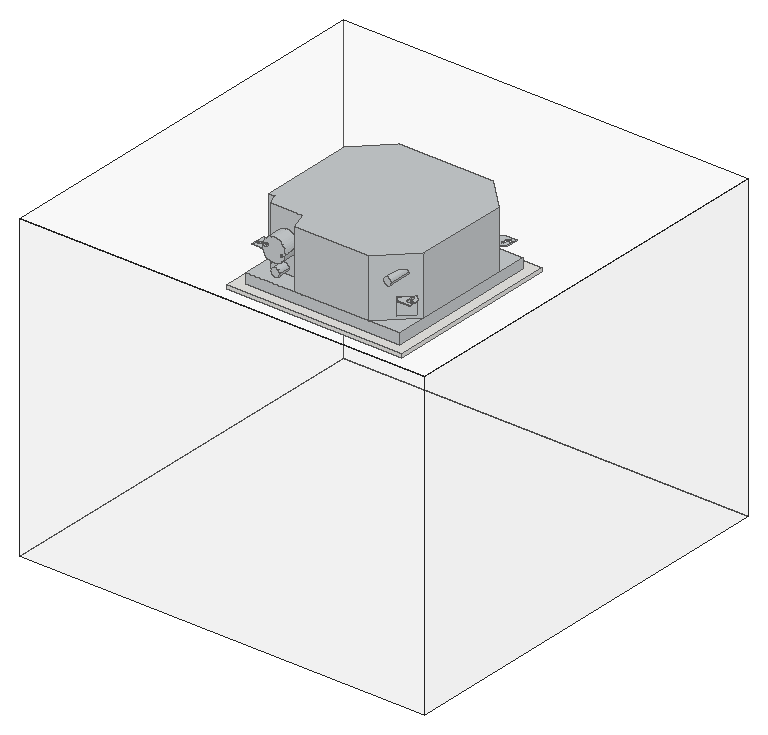
Revit family "pl-rp28_80ga8_50hz", category 機械設備, Revit 2023
Family settings
  丸型コネクタ寸法 = 直径を使用
  パーツ タイプ = 標準
  OmniClass 番号 = 23.75.10.24.21.27.27
  OmniClass タイトル = Split System Air Conditioning Units
  作業面ベース = いいえ
  常に垂直 = はい
  ロード時にボイドで切り取り = いいえ
  注釈の向きを維持 = いいえ
  共有 = いいえ
  部屋計算ポイント = はい
Parameters (values of type "PL-RP40GA8")
  風量_静 (㎥/min) = 8.5
  風量_強 (㎥/min) = 12
  風量_弱 (㎥/min) = 9
  風量_中 (㎥/min) = 9.5
  風量 = MAX風量  # 720.0 m³/h
  音響パワーレベル(dB) = [音響パワーレベル_強 (dB)]  # 53
  音響パワーレベル_静 (dB) = 48
  音響パワーレベル_強 (dB) = 53
  音響パワーレベル_弱 (dB) = 49
  音響パワーレベル_中 (dB) = 51
  電源種別 = ""
  電源_H = 0 mm
  電圧 = 0 V
  電動機出力_送風機 = 0.05 kW
  運転質量 = 0.00 kg
  連動 = ""
  質量 = if(製品質量 > 運転質量, 製品質量, 運転質量) * 1.2  # 24.72 kg
  負荷分類 = 3_ファン類
  製品質量_本体 = 17.00 kg
  製品質量_パネル = 3.60 kg
  構成品番 = ""
  既定の高さ = 0 mm
  ドレン管径 (外径) = 32 mm
  ドレン管径 = 25 mm
  サービススペース = yes
  【値が 0 の項目は組合せ形名にてご確認ください】 = ""
  URL = "https://www.mitsubishielectric.co.jp/ldg/wink/qr/002/364720"
  説明 = "店舗・事務所用パッケージエアコン(Mr.SLIM) [本体]4方向天井カセット形<コンパクトタイプ>"
  設計暖房能力 = 0.00 kW
  設計冷房能力_顕熱 = 0 kW
  設計冷房能力 = 0 kW
  設置方法 = "カセット形"
  記号 = ""
  製造元 = "三菱電機株式会社"
  製品質量 = 製品質量_本体 + 製品質量_パネル  # 20.60 kg
  製品出荷対象 = "国内"
  製品リリース年月 = "2026/5/11"
  製品グループ = ""
  系統 = ""
  符号 = "PAC-CK4"
  積算_科目 = "1 空気調和設備"
  積算_拾い区分 [instance] = ""
  盤記号 = ""
  発停方法 = "別売リモコン"
  特殊仕様 = ""
  火災停止 = ""
  消費電力_暖房 = 0.03 kW
  消費電力_冷房 = 0.03 kW
  消費電力 = if(消費電力_冷房 > 消費電力_暖房, 消費電力_冷房, 消費電力_暖房)  # 0.03 kW
  法定耐用年数 = "6"
  極数 = 3
  材質 = ""
  本体マテリアル = none
  有効加湿量 = 0
  暖房能力 = 4.00 kW
  形式_加湿器 = ""
  形式 = "カセット形（4方向吹出形）"
  幹線記号 = ""
  始動方式 = "インバータ"
  呼称 = "パッケージ形空気調和機_室内機"
  周波数 = 50 Hz
  吊り位置Y = 507 mm
  吊り位置X = 640 mm
  吊りボルト_H = 134 mm
  台数_手元リモコン = ""
  台数_冷媒分岐ユニット = ""
  参照している仕様書等のバージョン = "公共建築工事標準仕様書（機械設備工事編）平成31年度版"
  加湿給水管径 = 0 mm
  分類コード = "50053003123030"
  分類グループ = "設備"
  冷房能力 = 3.6 kW
  冷媒高低圧ガス管径 = 0 mm
  冷媒管径符号 = "Ac"
  冷媒管径 = 100 mm
  冷媒液管高さ = 159 mm
  冷媒液管長さ = 71 mm
  冷媒液管径 = 6.35 mm
  冷媒ガス管高さ = 183 mm
  冷媒ガス管長さ = 76 mm
  冷媒ガス管径 = 12.7 mm
  企業コード = "108420"
  付属品_フィルター = ""
  付属品 = ""
  モデル = "PL-RP40GA8"
  パネルマテリアル = none
  ドレン管高さ = 227 mm
  コメント [instance] = ""
  Width = 670 mm
  Version = ""
  Uniclass2015Version = "Systems v1.9"
  Uniclass2015Title = "Split coil remote air cooled condensing units"
  Uniclass2015Code = "Pr_70_65_03_84"
  SpecificationReference = ""
  SpecificationDescription = ""
  Revision = ""
  ProductInformation = ""
  Panel Width = 760 mm
  Panel Height = 15 mm
  Panel Depth = 760 mm
  OmniClassCode = "23-33 17 13 11"
  MIN風量 = [風量_静 (㎥/min)] * 60.0 m³/h  # 510.0 m³/h
  MID風量2 = [風量_弱 (㎥/min)] * 60.0 m³/h  # 540.0 m³/h
  MID風量 = [風量_中 (㎥/min)] * 60.0 m³/h  # 570.0 m³/h
  MAX風量 = [風量_強 (㎥/min)] * 60.0 m³/h  # 720.0 m³/h
  IfcTypeProduct = ""
  IfcProduct = ""
  IfcExportType = "AIRCONDITIONINGUNIT"
  IfcExportAs = "IfcUnitaryEquipmentType"
  Height = 298 mm
  Depth = 670 mm
  価格 = 0
  Clearance Top = 305 mm
  Clearance Right = 500 mm
  Clearance Left = 500 mm
  Clearance Front = 500 mm
  Clearance Bottom = 1000 mm
  Clearance Back = 500 mm
  BLCJ仕様バージョン = "2.0"
  Author = "三菱電機株式会社"
Types (8, lengths in mm): name | 風量_静 (㎥/min) | 風量_強 (㎥/min) | 風量_弱 (㎥/min) | 風量_中 (㎥/min) | 風量 | 音響パワーレベル(dB) | 音響パワーレベル_静 (dB) | 音響パワーレベル_強 (dB) | 音響パワーレベル_弱 (dB) | 音響パワーレベル_中 (dB) | URL | 消費電力_暖房 | 消費電力_冷房 | 消費電力 | 暖房能力 | 冷房能力 | 冷媒管径符号 | 冷媒液管長さ | 冷媒液管径 | 冷媒ガス管長さ | 冷媒ガス管径 | モデル | MIN風量 | MID風量2 | MID風量 | MAX風量
  PL-RP28GA8 | 6.3 | 8.7 | 7.1 | 7.8 | 522.0 m³/h | 50 | 47 | 50 | 48 | 49 | "https://www.mitsubishielectric.co.jp/ldg/wink/qr/002/364719" | 0.03 kW | 0.03 kW | 0.03 kW | 2.80 kW | 2.5 kW | "Ac" | 71 | 6.35 | 76 | 12.7 | "PL-RP28GA8" | 378.0 m³/h | 426.0 m³/h | 468.0 m³/h | 522.0 m³/h
  PL-RP40GA8 | 8.5 | 12 | 9 | 9.5 | 720.0 m³/h | 53 | 48 | 53 | 49 | 51 | "https://www.mitsubishielectric.co.jp/ldg/wink/qr/002/364720" | 0.03 kW | 0.03 kW | 0.03 kW | 4.00 kW | 3.6 kW | "Ac" | 71 | 6.35 | 76 | 12.7 | "PL-RP40GA8" | 510.0 m³/h | 540.0 m³/h | 570.0 m³/h | 720.0 m³/h
  PL-RP45GA8 | 8.5 | 12 | 9 | 9.5 | 720.0 m³/h | 53 | 48 | 53 | 49 | 51 | "https://www.mitsubishielectric.co.jp/ldg/wink/qr/002/364721" | 0.03 kW | 0.03 kW | 0.03 kW | 4.50 kW | 4 kW | "Ac" | 71 | 6.35 | 76 | 12.7 | "PL-RP45GA8" | 510.0 m³/h | 540.0 m³/h | 570.0 m³/h | 720.0 m³/h
  PL-RP50GA8 | 9.5 | 12.5 | 10 | 12 | 750.0 m³/h | 54 | 49 | 54 | 50 | 53 | "https://www.mitsubishielectric.co.jp/ldg/wink/qr/002/364722" | 0.03 kW | 0.03 kW | 0.03 kW | 5.00 kW | 4.5 kW | "Ac" | 71 | 6.35 | 76 | 12.7 | "PL-RP50GA8" | 570.0 m³/h | 600.0 m³/h | 720.0 m³/h | 750.0 m³/h
  PL-RP56GA8 | 9.5 | 14 | 10 | 12.5 | 840.0 m³/h | 56 | 49 | 56 | 50 | 54 | "https://www.mitsubishielectric.co.jp/ldg/wink/qr/002/364723" | 0.03 kW | 0.03 kW | 0.03 kW | 5.60 kW | 5 kW | "Ac" | 71 | 6.35 | 76 | 12.7 | "PL-RP56GA8" | 570.0 m³/h | 600.0 m³/h | 750.0 m³/h | 840.0 m³/h
  PL-RP63GA8 | 10 | 14.5 | 11.5 | 13 | 870.0 m³/h | 57 | 50 | 57 | 53 | 55 | "https://www.mitsubishielectric.co.jp/ldg/wink/qr/002/364724" | 0.04 kW | 0.04 kW | 0.04 kW | 6.30 kW | 5.6 kW | "Ac" | 71 | 6.35 | 76 | 12.7 | "PL-RP63GA8" | 600.0 m³/h | 690.0 m³/h | 780.0 m³/h | 870.0 m³/h
  PL-RP71GA8 | 11 | 15 | 12 | 13.5 | 900.0 m³/h | 58 | 53 | 58 | 54 | 56 | "https://www.mitsubishielectric.co.jp/ldg/wink/qr/002/364725" | 0.04 kW | 0.04 kW | 0.04 kW | 7.10 kW | 6.3 kW | "Bd" | 75 | 9.52 | 80 | 15.88 | "PL-RP71GA8" | 660.0 m³/h | 720.0 m³/h | 810.0 m³/h | 900.0 m³/h
  PL-RP80GA8 | 11 | 15 | 12 | 13.5 | 900.0 m³/h | 58 | 53 | 58 | 54 | 56 | "https://www.mitsubishielectric.co.jp/ldg/wink/qr/002/364726" | 0.04 kW | 0.04 kW | 0.04 kW | 8.00 kW | 7.1 kW | "Bd" | 75 | 9.52 | 80 | 15.88 | "PL-RP80GA8" | 660.0 m³/h | 720.0 m³/h | 810.0 m³/h | 900.0 m³/h
Reference planes
  plane 1 "中心(正面/背面)": y = 0
  plane 2: z = 0
  plane 3 "中心(左/右)": x = 0
  plane 4: x = -380
  plane 5: x = 380
  plane 6: y = 380
  plane 7: y = -380
  plane 8: z = 298
  plane 9: z = 305
  plane 10: x = -320
  plane 11: x = 320
  plane 12: y = 253.5
  plane 13: y = -253.5
  plane 14: z = 46
  plane 15: y = 335
  plane 16: y = -335
  plane 17: x = -335
  plane 18: x = 335
  plane 19: x = -880
  plane 20: x = 880
  plane 21: y = 880
  plane 22: y = -880
  plane 23: z = 298
  plane 24: z = -15
  plane 25: z = -1015
  plane 26: z = 305
  plane 27 "冷媒管基準面": y = -255
  plane 28: x = -186
  plane 29: z = 159
  plane 30: y = -331
  plane 31: y = -326
Forms (mm)
  Extrusion 1, solid, detail levels fine
    sketch origin (0, -255, 15) x (1, 0, 0) y (0, 0, 1)
      loop
        circle (-186, 144) r 3.175
    from 0 to 71
  Extrusion 2, solid, detail levels fine
    sketch origin (-67, -255, 39) x (1, 0, 0) y (0, 0, 1)
      loop
        circle (-186, 144) r 6.35
    from 0 to 76
Dimensions and locks
  equal spacing: plane 4, plane 3 "中心(左/右)", plane 5
  plane 4 to plane 5 = 760 mm
  equal spacing: plane 7, plane 1 "中心(正面/背面)", plane 6
  plane 7 to plane 6 = 760 mm
  locked: plane 12 to plane 6 at 126.5
  plane 7 to plane 13 = 126.5 mm
  plane 4 to plane 10 = 60 mm
  locked: plane 11 to plane 5 at 60
  "吊り位置X": plane 10 to plane 11
  equal spacing: plane 10, plane 3 "中心(左/右)", plane 11
  equal spacing: plane 13, plane 1 "中心(正面/背面)", plane 12
  "吊り位置Y": plane 13 to plane 12
  equal spacing: plane 16, plane 1 "中心(正面/背面)", plane 15
  "Depth": plane 16 to plane 15
  equal spacing: plane 17, plane 3 "中心(左/右)", plane 18
  "Width": plane 17 to plane 18
  locked: plane 14 to level at 46
  "Clearance Left": plane 19 to plane 4
  "Clearance Right": plane 5 to plane 20
  "Clearance Back": plane 6 to plane 21
  locked: level to plane 24 at 15
  "Clearance Bottom": plane 24 to plane 25
  "Clearance Front": plane 22 to plane 7
  "Clearance Top": plane 26 to plane 2
  "Height": level to nested 3
  plane 29 to plane 2 = 159 mm
  nested 3 to level = 134 mm
  "冷媒液管長さ": plane 31 to plane 27 "冷媒管基準面"
  "冷媒ガス管長さ": plane 30 to plane 27 "冷媒管基準面"
  aligned and locked: level to plane 2
  aligned and locked: plane 10 to nested 2
  aligned and locked: plane 11 to nested 2
  aligned and locked: nested 2 to plane 12
  aligned and locked: plane 13 to nested 2
  aligned and locked: plane 19 to nested 1
  aligned and locked: plane 20 to nested 1
  aligned and locked: plane 22 to nested 1
  aligned and locked: plane 21 to nested 1
  aligned and locked: plane 25 to nested 1
  aligned and locked: plane 5 to nested 3
  aligned and locked: plane 15 to nested 3
  aligned and locked: plane 6 to nested 3
  aligned and locked: plane 7 to nested 3
  aligned and locked: plane 26 to nested 1
  aligned and locked: plane 31 to Extrusion 1
  aligned and locked: plane 30 to Extrusion 2
Automatic sketch dimensions
  Extrusion 1 sketch curve to plane 28 = 0 mm
  Extrusion 1 sketch curve to plane 29 = 0 mm
  plane 29 to Extrusion 2 sketch curve = 24 mm
  plane 10 to Extrusion 2 sketch curve = 67 mm
  radius of Extrusion 1 sketch curve = 3.175 mm
  radius of Extrusion 2 sketch curve = 6.35 mm
Nested families
  nested 1: "サービススペース" at (0, 0, -355), visible <- "サービススペース", type "サービススペース", detail levels fine
    with Width 1760 mm, Height 1320 mm, Depth 1760 mm
  nested 2: "固定点" at (-320, -253.5, 0), type "固定点"
    with W 640 mm, D 507 mm
  nested 3: "PL-RP_GA" at (0, 0, 0), type "PL-RP_GA"
    with ユニット表示 yes, 液配管サイズ 6.35 mm
Connectors
  piping at (-219.5, -326, 171), diameter 100, driven by "冷媒管径", driven by "冷媒管径符号"
    settings: on nested 3, index 1, connector inside diameter 609.6 mm, connector length 0 mm, flow factor 0, pipe flow 0.0 L/s, pressure drop 0.0 Pa, fitting loss kfactor 0, connector angle 0.00°, fixture units 0, engagement length 0 mm, angle of deflection 0.00°, flow configuration 1, flow direction 1, fitting loss method 4, system type 7, joint type 0, gender type 0, connector reference index -1, connector utility 0, adjustable connector no, is connector primary yes, connector description "Ac"
  piping at (281, -332, 227), diameter 25, driven by "ドレン管径"
    settings: on nested 3, index 2, connector inside diameter 609.6 mm, connector length 0 mm, flow factor 0, pipe flow 0.0 L/s, pressure drop 0.0 Pa, fitting loss kfactor 0, connector angle 0.00°, fixture units 0, engagement length 0 mm, angle of deflection 0.00°, flow configuration 1, flow direction 2, fitting loss method 4, system type 16, joint type 0, gender type 0, connector reference index -1, connector utility 0, adjustable connector no, is connector primary no, connector description ""
  electrical at (-230, -305, 70), driven by "極数", driven by "負荷分類", driven by "電圧", driven by "消費電力"
    settings: on nested 3, index 3, voltage 0 V, apparent load 30 VA, apparent load phase1 0 VA, apparent load phase2 0 VA, apparent load phase3 0 VA, power factor 1, load classification "3_ファン類", number of poles 3, system type 30, power factor state 1, is connector primary yes, connector utility no, sub classification motor no, connector description ""
Definition of nested family "サービススペース"
  Parameters (values of type "サービススペース")
    Default Elevation = 0 mm
    Width [instance] = 500 mm
    Height [instance] = 500 mm
    Depth [instance] = 500 mm
  Reference planes
    plane 1 "中心(正面/背面)": y = 0
    plane 2: z = 0
    plane 3 "中心(左/右)": x = 0
    plane 4: y = -250
    plane 5: x = 250
    plane 6: y = 250
    plane 7: x = -250
    plane 8: z = 250
    plane 9: z = -250
  Forms (mm)
    Extrusion 1, solid
      sketch origin (-638.939, 0, 72.39) x (1, 0, 0) y (0, 1, 0)
        loop
          line (388.939, 250) -> (388.939, -250) -> (888.939, -250) -> (888.939, 250) -> (388.939, 250)
      from -322.39 to 177.61
  Lines and regions (mm)
    symbolic lines
      curve 1: line (-250, 0, 250) -> (250, 0, 250)
      curve 2: line (-250, 0, -250) -> (-250, 0, 250)
      curve 3: line (250, 0, -250) -> (-250, 0, -250)
      curve 4: line (250, 0, 250) -> (250, 0, -250)
      curve 5: line (0, -250, 250) -> (0, 250, 250)
      curve 6: line (0, -250, -250) -> (0, -250, 250)
      curve 7: line (0, 250, -250) -> (0, -250, -250)
      curve 8: line (0, 250, 250) -> (0, 250, -250)
      curve 9: line (-250, 250, 0) -> (250, 250, 0)
      curve 10: line (-250, -250, 0) -> (-250, 250, 0)
      curve 11: line (250, -250, 0) -> (-250, -250, 0)
      curve 12: line (250, 250, 0) -> (250, -250, 0)
  Dimensions and locks
    equal spacing: plane 7, plane 3 "中心(左/右)", plane 5
    equal spacing: plane 4, plane 1 "中心(正面/背面)", plane 6
    "Depth": plane 4 to plane 6
    "Width": plane 7 to plane 5
    equal spacing: plane 8, plane 2, plane 9
    "Height": plane 8 to plane 9
    aligned and locked: plane 9 to curve 3
    aligned and locked: plane 7 to curve 2
    aligned and locked: curve 4 to plane 5
    aligned and locked: plane 5 to Extrusion 1
    aligned and locked: Extrusion 1 to plane 7
    aligned and locked: Extrusion 1 to plane 9
    aligned and locked: plane 8 to Extrusion 1
    aligned and locked: plane 9 to curve 7
  Automatic sketch dimensions
    plane 4 to Extrusion 1 sketch curve = 0 mm
    Extrusion 1 sketch curve to plane 7 = 0 mm
    Extrusion 1 sketch curve to plane 5 = 0 mm
    plane 6 to Extrusion 1 sketch curve = 0 mm
    curve 2 to plane 8 = 0 mm
    plane 4 to curve 11 = 0 mm
    curve 11 to plane 7 = 0 mm
    curve 11 to plane 5 = 0 mm
    plane 6 to curve 10 = 0 mm
    curve 7 to plane 4 = 0 mm
    curve 7 to plane 6 = 0 mm
    curve 6 to plane 8 = 0 mm
Definition of nested family "PL-RP_GA"
  Parameters (values of type "PL-RP_GA")
    配線取出口サイズ = 36 mm
    配線取出口-Z = 70 mm
    配線取出口-Y = 50 mm
    配線取出口-X = 230 mm
    液配管サイズ = 6.4 mm
    Default Elevation = 0 mm
    A = 幅さ + 90 mm  # 760 mm
    高さ = 298 mm
    奥行き = 670 mm
    吊りボルト_H = 134 mm
    冷媒配管 = 100 mm
    冷媒液管径-Z = 159 mm
    冷媒液管径-Y = 71 mm
    冷媒液管径-X = 186 mm
    冷媒ガス管径-Z = 183 mm
    冷媒ガス管径-Y = 76 mm
    冷媒ガス管径-X = 253 mm
    ユニット表示 [instance] = yes
    ボルトピッチ = 507 mm
    ドレン配管サイズ = 32 mm
    ドレン管径-Z = 227 mm
    ドレン管径-Y = 77 mm
    ドレン管径-X = 281 mm
    ガス配管サイズ = 12.7 mm
    D = 幅さ - 30 mm  # 640 mm
    幅さ = 670 mm
    B = 幅さ + 40 mm  # 710 mm
  Reference planes
    plane 1 "中心(正面/背面)": y = 0
    plane 2: z = 0
    plane 3 "中心(左/右)": x = 0
    plane 4: x = -355
    plane 5: x = 355
    plane 6: x = -335
    plane 7: x = 335
    plane 8: x = -320
    plane 9: x = 320
    plane 10: y = 253.5
    plane 11: y = -253.5
    plane 12: y = 335
    plane 13: y = -335
    plane 14: x = -380
    plane 15: x = 380
    plane 16: z = -15
    plane 17: z = 46
    plane 18: z = 298
    plane 19: z = 134
    plane 20: z = 136
    plane 21: z = 227
    plane 22: z = 159
    plane 23: z = 183
    plane 24: z = 60
    plane 25: y = 380
    plane 26: y = -380
    plane 27: x = -253
    plane 28: x = -150
    plane 29: x = -123
    plane 30: x = -186
    plane 31: x = 281
    plane 32: x = 202
    plane 33: y = -255
    plane 34: y = -207
    plane 35: y = -331
    plane 36: y = -326
    plane 37 "ドレン管接続口": y = -332
    plane 38: y = -202
    plane 39: y = 291.5
    plane 40: y = 275.5
    plane 41: y = 263.5
    plane 42: x = -326
    plane 43: x = -314
    plane 44: x = -343
    plane 45: x = 314
    plane 46: x = 326
    plane 47: x = 343
    plane 48: y = -291.5
    plane 49: y = -275.5
    plane 50: y = -263.5
    plane 51: x = -230
    plane 52: y = 202
    plane 53: x = -202
    plane 54: z = 70
    plane 55: y = -305
  Forms (mm)
    Extrusion 1, solid, visible <- "ユニット表示"
      sketch origin (0, 0, 0) x (1, 0, 0) y (0, 1, 0)
        loop
          line (-380, 380) -> (-380, -380) -> (380, -380) -> (380, 380) -> (-380, 380)
      from -15 to 0
    Extrusion 2, solid, visible <- "ユニット表示", detail levels fine
      sketch origin (0, 0, 0) x (1, 0, 0) y (0, 1, 0)
        loop
          line (-203.39, 335) -> (-335, 203.39) -> (-335, -207) -> (-309.258, -207) -> (-288.883, -255) -> (-150, -255) -> (-123.033, -335) -> (202, -335) -> (335, -202) -> (335, 203.39) -> (203.39, 335) -> (-203.39, 335)
      from 46 to 298
    Extrusion 3, solid, visible <- "ユニット表示", detail levels fine
      sketch origin (0, 0, 0) x (1, 0, 0) y (0, 1, 0)
        loop
          line (335, 335) -> (-335, 335) -> (-335, -335) -> (335, -335) -> (335, 335)
      from 0 to 46
    Extrusion 4, solid, visible <- "ユニット表示", detail levels fine
      sketch origin (0, 0, 0) x (1, 0, 0) y (0, 0, 1)
        loop
          circle (-219.5, 171) r 50
      from 255 to 326
    Extrusion 5, solid, visible <- "ユニット表示", detail levels fine
      sketch origin (0, 0, 0) x (1, 0, 0) y (0, 1, 0)
        loop
          line (-343, -291.5) -> (-300.314, -291.5) -> (-290.686, -250.751) -> (-306.998, -212.324) -> (-343, -227.606) -> (-343, -263.5) -> (-329, -263.5)
          arc (-329, -263.5) -> (-326.879, -262.621) -> (-326, -260.5) r 3
          line (-326, -260.5) -> (-326, -249.5)
          arc (-326, -249.5) -> (-320, -243.5) -> (-314, -249.5) r 6
          line (-314, -249.5) -> (-314, -269.478)
          arc (-314, -269.478) -> (-315.757, -273.721) -> (-320, -275.5) r 6
          line (-320, -275.5) -> (-343, -275.5) -> (-343, -291.5)
        loop
          line (-343, 275.5) -> (-320, 275.5)
          arc (-320, 275.5) -> (-315.757, 273.743) -> (-314, 269.5) r 6
          line (-314, 269.5) -> (-314, 249.5)
          arc (-314, 249.5) -> (-320, 243.5) -> (-326, 249.5) r 6
          line (-326, 249.5) -> (-326, 260.5)
          arc (-326, 260.5) -> (-326.879, 262.621) -> (-329, 263.5) r 3
          line (-329, 263.5) -> (-343, 263.5) -> (-343, 244.959) -> (-318.215, 220.175) -> (-270.214, 268.176) -> (-293.539, 291.5) -> (-343, 291.5) -> (-343, 275.5)
        loop
          line (343, 291.5) -> (293.539, 291.5) -> (270.214, 268.176) -> (318.215, 220.175) -> (343, 244.959) -> (343, 263.5) -> (329, 263.5)
          arc (329, 263.5) -> (326.879, 262.621) -> (326, 260.5) r 3
          line (326, 260.5) -> (326, 249.5)
          arc (326, 249.5) -> (320, 243.5) -> (314, 249.5) r 6
          line (314, 249.5) -> (314, 269.5)
          arc (314, 269.5) -> (315.757, 273.743) -> (320, 275.5) r 6
          line (320, 275.5) -> (343, 275.5) -> (343, 291.5)
        loop
          line (293.539, -291.5) -> (343, -291.5) -> (343, -275.5) -> (320, -275.5)
          arc (320, -275.5) -> (315.757, -273.743) -> (314, -269.5) r 6
          line (314, -269.5) -> (314, -249.5)
          arc (314, -249.5) -> (320, -243.5) -> (326, -249.5) r 6
          line (326, -249.5) -> (326, -260.5)
          arc (326, -260.5) -> (326.879, -262.621) -> (329, -263.5) r 3
          line (329, -263.5) -> (343, -263.5) -> (343, -244.959) -> (317.52, -219.48) -> (269.519, -267.481) -> (293.539, -291.5)
      from 134 to 136
    Extrusion 6, solid, visible <- "ユニット表示", detail levels fine
      sketch origin (0, 0, 0) x (1, 0, 0) y (0, 1, 0)
        loop
          line (-306.998, -212.324) -> (-308.839, -213.105) -> (-291.463, -254.04) -> (-289.622, -253.258) -> (-306.998, -212.324)
        loop
          line (-271.629, 269.59) -> (-319.63, 221.589) -> (-318.245, 220.204) -> (-270.244, 268.205) -> (-271.629, 269.59)
        loop
          line (271.629, 269.59) -> (270.244, 268.205) -> (318.245, 220.204) -> (319.63, 221.589) -> (271.629, 269.59)
        loop
          line (270.934, -268.895) -> (318.935, -220.894) -> (317.52, -219.48) -> (269.519, -267.481) -> (270.934, -268.895)
      from 60 to 136
    Extrusion 7, solid, visible <- "ユニット表示", detail levels fine
      sketch origin (0, 0, 0) x (1, 0, 0) y (0, 0, 1)
        loop
          circle (-230, 70) r 18
      from 255 to 305
    Extrusion 8, solid, detail levels fine
      sketch origin (0, -332, 0) x (-1, 0, 0) y (0, 0, 1)
        loop
          circle (-281, 227) r 16
      from 0 to 100
  Cuts and joins
    joined: Extrusion 5, Extrusion 6
  Dimensions and locks
    equal spacing: plane 4, plane 3 "中心(左/右)", plane 5
    "B": plane 4 to plane 5
    equal spacing: plane 6, plane 3 "中心(左/右)", plane 7
    "幅さ": plane 6 to plane 7
    equal spacing: plane 8, plane 3 "中心(左/右)", plane 9
    "D": plane 8 to plane 9
    equal spacing: plane 11, plane 1 "中心(正面/背面)", plane 10
    "ボルトピッチ": plane 10 to plane 11
    equal spacing: plane 12, plane 1 "中心(正面/背面)", plane 13
    "奥行き": plane 12 to plane 13
    "A": plane 14 to plane 15
    equal spacing: plane 14, plane 3 "中心(左/右)", plane 15
    locked: plane 2 to plane 16 at 15
    locked: plane 17 to plane 2 at 46
    "吊りボルト_H": plane 19 to level
    locked: plane 20 to plane 19 at 2
    "ドレン管径-Z": plane 21 to level
    "冷媒液管径-Z": plane 22 to level
    "冷媒ガス管径-Z": plane 23 to level
    plane 24 to level = 60 mm
    equal spacing: plane 25, plane 1 "中心(正面/背面)", plane 26
    "A": plane 25 to plane 26
    locked: plane 6 to plane 28 at 185
    locked: plane 6 to plane 29 at 212
    locked: plane 32 to plane 7 at 133
    "冷媒ガス管径-X": plane 27 to plane 3 "中心(左/右)"
    "冷媒液管径-X": plane 30 to plane 3 "中心(左/右)"
    "ドレン管径-X": plane 3 "中心(左/右)" to plane 31
    locked: plane 33 to plane 13 at 80
    locked: plane 34 to plane 13 at 128
    "冷媒ガス管径-Y": plane 33 to plane 35
    "冷媒液管径-Y": plane 33 to plane 36
    "ドレン管径-Y": plane 33 to plane 37 "ドレン管接続口"
    locked: plane 38 to plane 13 at 133
    equal spacing: plane 30, Extrusion 4 sketch curve, plane 27
    equal spacing: plane 23, Extrusion 4 sketch curve, plane 22
    locked: plane 44 to plane 8 at 23
    plane 42 to plane 8 to plane 43 = 6 mm locked, 6 mm locked
    locked: plane 9 to plane 47 at 23
    plane 45 to plane 9 to plane 46 = 6 mm locked, 6 mm locked
    plane 11 to plane 50 to plane 49 to plane 48 = 10 mm locked, 12 mm locked, 16 mm locked
    plane 39 to plane 40 to plane 41 to plane 10 = 16 mm locked, 12 mm locked, 10 mm locked
    locked: Extrusion 5 sketch curve to plane 11 at 4  (x2)
    locked: plane 10 to Extrusion 5 sketch curve at 4  (x2)
    "配線取出口-X": plane 51 to plane 3 "中心(左/右)"
    "配線取出口-Z": plane 54 to level
    "配線取出口-Y": plane 33 to plane 55
    locked: cut or joined group of Extrusion 5, Extrusion 6 to Extrusion 6 sketch curve at 2
    locked: Extrusion 6 sketch curve to Extrusion 2 at 2  (x3)
    "高さ": plane 18 to level
    "冷媒配管": diameter of Extrusion 4 sketch curve
    radius of Extrusion 5 sketch curve = 6 mm  (x8)
    radius of Extrusion 5 sketch curve = 3 mm  (x4)
    "配線取出口サイズ": diameter of Extrusion 7 sketch curve
    aligned and locked: level to plane 2
    aligned and locked: Extrusion 1 sketch curve to plane 25
    aligned and locked: plane 14 to Extrusion 1 sketch curve
    aligned and locked: plane 26 to Extrusion 1 sketch curve
    aligned and locked: Extrusion 1 sketch curve to plane 15
    aligned and locked: level to Extrusion 1
    aligned and locked: Extrusion 1 to plane 16
    aligned and locked: plane 18 to Extrusion 2
    aligned and locked: Extrusion 2 to plane 17
    aligned and locked: Extrusion 3 sketch curve to plane 7
    aligned and locked: Extrusion 3 sketch curve to plane 13
    aligned and locked: Extrusion 3 sketch curve to plane 6
    aligned and locked: Extrusion 3 sketch curve to plane 12
    aligned and locked: Extrusion 3 to level
    aligned and locked: plane 17 to Extrusion 3
    aligned and locked: plane 28 to Extrusion 2 sketch curve
    aligned and locked: plane 34 to Extrusion 2 sketch curve
    aligned and locked: Extrusion 2 sketch curve to plane 13
    aligned and locked: Extrusion 2 sketch curve to plane 7
    aligned and locked: Extrusion 2 sketch curve to plane 12
    aligned and locked: Extrusion 2 sketch curve to plane 6
    aligned and locked: plane 7 to Extrusion 2 sketch curve
    aligned and locked: plane 38 to Extrusion 2 sketch curve
    aligned and locked: plane 32 to Extrusion 2 sketch curve
    aligned and locked: plane 13 to Extrusion 2 sketch curve
    aligned and locked: plane 44 to Extrusion 5 sketch curve  (x2)
    aligned and locked: Extrusion 5 sketch curve to plane 50
    aligned and locked: plane 49 to Extrusion 5 sketch curve
    aligned and locked: Extrusion 5 sketch curve to plane 48
    aligned and locked: plane 43 to Extrusion 5 sketch curve
    aligned and locked: plane 42 to Extrusion 5 sketch curve  (x2)
    aligned and locked: Extrusion 6 to plane 24
    aligned and locked: plane 20 to Extrusion 6
    aligned and locked: plane 39 to Extrusion 5 sketch curve  (x2)
    aligned and locked: Extrusion 5 sketch curve to plane 44  (x2)
    aligned and locked: plane 41 to Extrusion 5 sketch curve  (x2)
    aligned and locked: Extrusion 5 sketch curve to plane 40  (x2)
    aligned and locked: Extrusion 5 sketch curve to plane 43
    aligned and locked: Extrusion 5 sketch curve to Extrusion 2  (x3)
    aligned and locked: plane 47 to Extrusion 5 sketch curve  (x4)
    aligned and locked: plane 45 to Extrusion 5 sketch curve  (x2)
    aligned and locked: Extrusion 5 sketch curve to plane 46  (x2)
    aligned and locked: plane 50 to Extrusion 5 sketch curve
    aligned and locked: plane 48 to Extrusion 5 sketch curve
    aligned and locked: Extrusion 5 sketch curve to plane 49
    aligned and locked: plane 51 to Extrusion 7 sketch curve
    aligned and locked: plane 54 to Extrusion 7 sketch curve
    aligned and locked: Extrusion 7 to Extrusion 2
    aligned and locked: plane 55 to Extrusion 7
    aligned and locked: cut or joined group of Extrusion 5, Extrusion 6 to cut or joined group of Extrusion 5, Extrusion 6  (x2)
    aligned and locked: Extrusion 6 sketch curve to cut or joined group of Extrusion 5, Extrusion 6  (x3)
    aligned and locked: cut or joined group of Extrusion 5, Extrusion 6 to Extrusion 6 sketch curve  (x2)
    aligned and locked: Extrusion 2 to Extrusion 6 sketch curve
    aligned and locked: cut or joined group of Extrusion 5, Extrusion 6 to plane 19
    aligned and locked: plane 20 to cut or joined group of Extrusion 5, Extrusion 6
    aligned and locked: Extrusion 4 to plane 36
  Automatic sketch dimensions
    Extrusion 2 sketch curve to plane 33 = 0 mm
    plane 43 to Extrusion 2 sketch curve = 4.742 mm
    plane 43 to Extrusion 2 sketch curve = 25.117 mm
    Extrusion 2 sketch curve to plane 30 = 17.39 mm
    Extrusion 2 sketch curve to plane 29 = 0.033 mm
    plane 32 to Extrusion 2 sketch curve = 1.39 mm
    Extrusion 2 sketch curve to plane 10 = 50.11 mm  (x2)
    Extrusion 5 sketch curve to plane 8 = 0 mm
    Extrusion 5 sketch curve to plane 8 = 13.002 mm
    Extrusion 5 sketch curve to plane 43 = 13.686 mm
    plane 50 to Extrusion 5 sketch curve = 12.749 mm
    Extrusion 5 sketch curve to Extrusion 5 sketch curve = 9.627 mm
    Extrusion 5 sketch curve to plane 50 = 5.978 mm
    plane 34 to Extrusion 5 sketch curve = 20.606 mm
    plane 8 to Extrusion 6 sketch curve = 1.755 mm
    Extrusion 6 sketch curve to plane 11 = 0.54 mm
    Extrusion 6 sketch curve to Extrusion 6 sketch curve = 1.385 mm
    Extrusion 6 sketch curve to plane 49 = 6.605 mm
    Extrusion 6 sketch curve to plane 9 = 2.48 mm
    Extrusion 6 sketch curve to Extrusion 6 sketch curve = 1.414 mm
    Extrusion 5 sketch curve to plane 8 = 1.785 mm
    Extrusion 5 sketch curve to plane 41 = 4.676 mm  (x2)
    plane 9 to Extrusion 5 sketch curve = 1.785 mm
    Extrusion 5 sketch curve to plane 50 = 3.981 mm
    plane 9 to Extrusion 5 sketch curve = 2.48 mm
    Extrusion 8 sketch curve to plane 21 = 0 mm
    Extrusion 8 sketch curve to plane 31 = 0 mm
    radius of Extrusion 8 sketch curve = 16 mm
Definition of nested family "固定点"
  Parameters (values of type "固定点")
    Default Elevation = 0 mm
    中心円 = 20 mm
    W [instance] = 1000 mm
    D [instance] = 1000 mm
  Reference planes
    plane 1 "中心(正面/背面)": y = 0
    plane 2: z = 0
    plane 3 "中心(左/右)": x = 0
    plane 4: x = 1000
    plane 5: y = 1000
  Lines and regions (mm)
    symbolic lines, detail levels fine
      curve 1: circle (0, 1000, 0) r 10 normal (0, 0, 1)
      curve 2: circle (0, 0, 0) r 10 normal (0, 0, 1)
      curve 3: circle (1000, 1000, 0) r 10 normal (0, 0, 1)
      curve 4: circle (1000, 0, 0) r 10 normal (0, 0, 1)
      curve 5: line (-200, 1000, 0) -> (1200, 1000, 0)
      curve 6: line (-200, 0, 0) -> (1200, 0, 0)
      curve 7: line (0, 1200, 0) -> (0, -200, 0)
      curve 8: line (1000, 1200, 0) -> (1000, -200, 0)
  Dimensions and locks
    "W": plane 3 "中心(左/右)" to plane 4
    "D": plane 1 "中心(正面/背面)" to plane 5
    "中心円": diameter of curve 1
    "中心円": diameter of curve 2
    "中心円": diameter of curve 3
    "中心円": diameter of curve 4
    aligned and locked: level to plane 2
    aligned and locked: plane 5 to curve 1
    aligned and locked: plane 3 "中心(左/右)" to curve 1
    aligned and locked: plane 3 "中心(左/右)" to curve 2
    aligned and locked: plane 1 "中心(正面/背面)" to curve 2
    aligned and locked: plane 4 to curve 3
    aligned and locked: plane 5 to curve 3
    aligned and locked: plane 1 "中心(正面/背面)" to curve 4
    aligned and locked: plane 4 to curve 4
    aligned and locked: plane 1 "中心(正面/背面)" to curve 6
    aligned and locked: curve 7 to plane 3 "中心(左/右)"
    aligned and locked: curve 8 to plane 4
  Automatic sketch dimensions
    curve 5 to plane 5 = 0 mm
    curve 6 to plane 3 "中心(左/右)" = 200 mm
    curve 5 to plane 3 "中心(左/右)" = 200 mm
    curve 4 to curve 6 = 200 mm
    curve 3 to curve 5 = 200 mm
    plane 1 "中心(正面/背面)" to curve 8 = 200 mm
    plane 1 "中心(正面/背面)" to curve 7 = 200 mm
    curve 3 to curve 8 = 200 mm
    curve 1 to curve 7 = 200 mm
